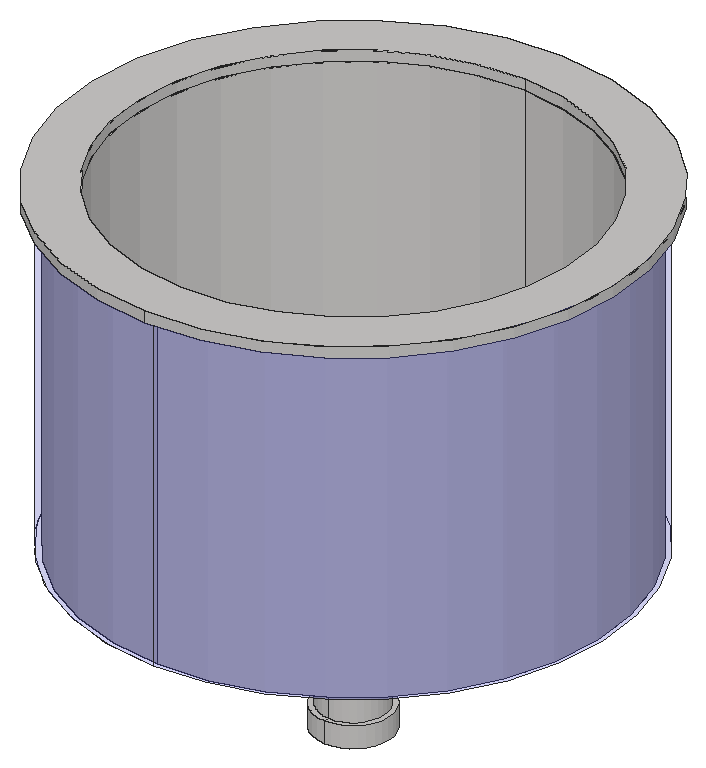
Revit family "QF_Vollrath_36464_cat", category Specialty Equipment, Revit 2016
Family settings
  Part Type = Normal
  Round Connector Dimension = Use Diameter
  OmniClass Number = 23.40.40.14.14
  OmniClass Title = Food Preparation Equipment
  Work Plane-Based = No
  Always vertical = Yes
  Cut with Voids When Loaded = No
  Shared = No
  Room Calculation Point = No
Parameters (values of type "Requires Type Catalog QF_Vollrath_36464_cat.txt")
  Weight in Pounds = 0
  Watts = 720 W
  Watermarked By = "http://revitwatermark.com"
  Waste Water Discharge Temperature [instance] = -459.67 °F
  Volts = 120 V
  URL Cutsheet = ""
  URL = "www.vollrathco.com"
  Status [instance] = ""
  Specification by User [instance] = ""
  Specification by Manufacturer [instance] = ""
  Serial Number [instance] = ""
  Seismic Rating [instance] = ""
  Revision Code [instance] = ""
  Plumbing Remarks [instance] = ""
  Plumbing Connection Type [instance] = ""
  Phase = 1
  Number of Poles = 1
  NAFEM Spec ID Number [instance] = ""
  Model = "-"
  Masterspec [instance] = ""
  Manufacturer = "Vollrath"
  Item Number [instance] = "-"
  Installed By [instance] = ""
  Indirect Waste Size = 3/4"
  Indirect Waste Flow [instance] = 0.00 GPM
  Indirect Waste Connection Type [instance] = ""
  Indirect Waste Connection Height [instance] = Height AFF - 0' 11 11/16"  # 2' - 0 5/16"
  Height AFF [instance] = 3' - 0"
  Furnished By [instance] = ""
  Foodservice Equipment Identifier [instance] = yes
  FL Amps = 6 A
  Electrical Remarks [instance] = ""
  Electric Connection Type [instance] = ""
  Elec Conn RI Height [instance] = 0' - 0"
  Elec Conn Connection Height [instance] = 2' - 7 1/2"
  Description = "Drop-In Soup Well - 11 Qt."
  Cycle = 60 Hz
  Conn Plug = "NEMA 5-15P"
  CSI MasterFormat = "11 42 00"
  Assembly Code = "E1090320"
  Apparent Power = if(Phase = 3, Volts * FL Amps * 1.73, Volts * FL Amps)  # 720 VA
Reference planes (in)
  plane 1 "Center LR": y = 0
  plane 2: z = 0
  plane 3 "Center FB": x = 0
  plane 4 "LEFT": x = -6.40625
  plane 5 "RIGHT": x = 6.40625
  plane 6 "Back": y = 6.40625
  plane 7 "Front": y = -6.40625
  plane 8 "Table Top": z = 36
  plane 9 "TOP": z = 36.25
  plane 10 "Bottom": z = 28.3125
  plane 11 "Drain": z = 24.3125
  plane 12: x = -6
  plane 13: x = 6
  plane 14: y = 6
  plane 15: y = -6
Forms (in)
  Extrusion 1, solid, material "QF_Finishes_Stainless Steel"
    sketch origin (0, 0, 36) x (0, 1, 0) y (-1, 0, 0)
      loop
        circle (0, 0) r 6.40625
      loop
        circle (0, 0) r 5.25
    from 0 to 0.25
  Extrusion 2, solid, material "QF_Finishes_Stainless Steel"
    sketch origin (0, 0, 36) x (0, 1, 0) y (-1, 0, 0)
      loop
        circle (0, 0) r 6
      loop
        circle (0, 0) r 5.25
    from 0 to -7.6875
  Extrusion 3, solid, material "QF_Finishes_Stainless Steel"
    sketch origin (0, 0, 28.3125) x (0, 1, 0) y (-1, 0, 0)
      loop
        circle (0, 0) r 5.25
      loop
        circle (0, 0) r 0.75
    from 0 to 0.125
  Revolve 4, solid, material "QF_Finishes_Stainless Steel"
    sketch origin (0, 0, 0) x (0, 1, 0) y (0, 0, 1)
      loop
        line (0.75, 28.3125) -> (0.75, 27.9375) -> (0.5, 27.9375) -> (0.5, 26.6875) -> (0.75, 26.6875) -> (0.75, 26.4375) -> (0.625, 26.4375) -> (0.625, 24.6875) -> (0.75, 24.6875) -> (0.75, 24.3125) -> (0.875, 24.3125) -> (0.875, 24.8125) -> (0.75, 24.8125) -> (0.75, 26.3125) -> (0.875, 26.3125) -> (0.875, 26.8125) -> (0.625, 26.8125) -> (0.625, 27.8125) -> (0.875, 27.8125) -> (0.875, 28.3125) -> (0.75, 28.3125)
      axis (0, 28.3125) -> (0, 24.3125)
    angle from 0 to 360
  Extrusion 5, solid, material "QF_Finishes_Clearance"
    sketch origin (0, 0, 36) x (0, 1, 0) y (-1, 0, 0)
      loop
        circle (0, 0) r 6.125
      loop
        circle (0, 0) r 6
    from 0 to -7.6875
  Extrusion 6, solid, material "QF_Finishes_Stainless Steel"
    sketch origin (0, 0, 28.3125) x (0, 1, 0) y (-1, 0, 0)
      loop
        circle (-3.20312, 0) r 0.25
    from 0 to -0.0625
Lines and regions (in)
  symbolic lines
    curve 1: circle (0, 0, 28.3125) r 0.75 normal (0, 0, 1)
    curve 2: circle (0, 0, 28.3125) r 5.25 normal (0, 0, 1)
    curve 3: circle (0, 0, 28.3125) r 6.40625 normal (0, 0, 1)
  model lines, style "QF_Cutout"
    curve 4: line (0, 6.125, 36.25) -> (0, 6.125, 42.25)
    curve 5: line (0, -6.125, 36.25) -> (0, -6.125, 42.25)
    curve 6: line (-6.125, 0, 36.25) -> (-6.125, 0, 42.25)
    curve 7: line (6.125, 0, 36.25) -> (6.125, 0, 42.25)
Dimensions and locks (in)
  "Height AFF": plane 8 "Table Top" to level
  locked: plane 9 "TOP" to plane 8 "Table Top" at 0.25
  locked: plane 8 "Table Top" to plane 10 "Bottom" at 7.6875
  plane 8 "Table Top" to plane 11 "Drain" = 0' - 11 11/16"
  equal spacing: plane 7 "Front", plane 1 "Center LR", plane 6 "Back"
  locked: plane 7 "Front" to plane 6 "Back" at 12.8125
  equal spacing: plane 4 "LEFT", plane 3 "Center FB", plane 5 "RIGHT"
  locked: plane 4 "LEFT" to plane 5 "RIGHT" at 12.8125
  locked: plane 14 to plane 6 "Back" at 0.40625
  locked: plane 15 to plane 7 "Front" at 0.40625
  locked: plane 4 "LEFT" to plane 12 at 0.40625
  locked: plane 13 to plane 5 "RIGHT" at 0.40625
  equal spacing: plane 7 "Front", Extrusion 6 sketch curve, plane 1 "Center LR"
  equal spacing: plane 4 "LEFT", Extrusion 6 sketch curve, plane 5 "RIGHT"
  aligned and locked: level to plane 2
  aligned and locked: plane 9 "TOP" to Extrusion 1
  aligned and locked: Extrusion 2 to plane 10 "Bottom"
  aligned and locked: Extrusion 5 to plane 10 "Bottom"
Automatic sketch dimensions
  Extrusion 2 sketch curve to Extrusion 2 sketch curve = 0' - 0"  (x2)
  plane 1 "Center LR" to Extrusion 2 sketch curve = 0' - 0"
  Extrusion 2 sketch curve to plane 3 "Center FB" = 0' - 0"
  Extrusion 3 sketch curve to Extrusion 3 sketch curve = 0' - 0"  (x2)
  plane 1 "Center LR" to Extrusion 3 sketch curve = 0' - 0"
  Extrusion 3 sketch curve to plane 3 "Center FB" = 0' - 0"
  Revolve 4 sketch curve to plane 1 "Center LR" = 0' - 0"
  Revolve 4 sketch curve to plane 11 "Drain" = 0' - 0"
  Revolve 4 sketch curve to plane 10 "Bottom" = 0' - 0"
  Revolve 4 sketch curve to plane 1 "Center LR" = 0' - 0 1/2"
  Revolve 4 sketch curve to plane 1 "Center LR" = 0' - 0 5/8"
  Revolve 4 sketch curve to Revolve 4 sketch curve = 0' - 0 1/8"  (x10)
  Revolve 4 sketch curve to Revolve 4 sketch curve = 0' - 0"
  Revolve 4 sketch curve to Revolve 4 sketch curve = 0' - 0 1/4"  (x2)
  Revolve 4 sketch curve to level = 2' - 0"
  plane 11 "Drain" to Revolve 4 sketch curve = 0' - 0 3/8"
  Revolve 4 sketch curve to Revolve 4 sketch curve = 0' - 1 1/2"
  Revolve 4 sketch curve to plane 10 "Bottom" = 0' - 0 1/2"
  plane 9 "TOP" to Revolve 4 sketch curve = 2' - 1.65238"
  Extrusion 1 sketch curve to Extrusion 1 sketch curve = 0' - 0"  (x2)
  plane 1 "Center LR" to Extrusion 1 sketch curve = 0' - 0"
  Extrusion 1 sketch curve to plane 3 "Center FB" = 0' - 0"
  curve 1 to curve 2 = 0' - 0"  (x2)
  curve 1 to curve 3 = 0' - 0"
  curve 2 to curve 3 = 0' - 0"
  plane 1 "Center LR" to curve 1 = 0' - 0"
  curve 1 to plane 3 "Center FB" = 0' - 0"
  plane 1 "Center LR" to Extrusion 5 sketch curve = 0' - 0"
  Extrusion 5 sketch curve to plane 3 "Center FB" = 0' - 0"
  Extrusion 5 sketch curve to Extrusion 5 sketch curve = 0' - 0"  (x2)
  curve 5 to plane 9 "TOP" = 0' - 0"
  curve 4 to plane 9 "TOP" = 0' - 0"
  curve 5 to plane 15 = 0' - 0 1/8"
  curve 4 to plane 14 = 0' - 0 1/8"
  curve 5 to curve 5 = 0' - 6"
  plane 9 "TOP" to curve 4 = 0' - 6"
  curve 6 to plane 9 "TOP" = 0' - 0"
  curve 7 to plane 9 "TOP" = 0' - 0"
  curve 6 to plane 12 = 0' - 0 1/8"
  curve 7 to plane 13 = 0' - 0 1/8"
  plane 9 "TOP" to curve 7 = 0' - 6"
  plane 9 "TOP" to curve 6 = 0' - 6"
  radius of Extrusion 2 sketch curve = 0' - 6"
  radius of Extrusion 2 sketch curve = 0' - 5 1/4"
  radius of Extrusion 3 sketch curve = 0' - 5 1/4"
  radius of Extrusion 3 sketch curve = 0' - 0 3/4"
  radius of Extrusion 1 sketch curve = 0' - 6 13/32"
  radius of Extrusion 1 sketch curve = 0' - 5 1/4"
  radius of curve 1 = 0' - 0 3/4"
  radius of curve 2 = 0' - 5 1/4"
  radius of curve 3 = 0' - 6 13/32"
  radius of Extrusion 5 sketch curve = 0' - 6 1/8"
  radius of Extrusion 5 sketch curve = 0' - 6"
  radius of Extrusion 6 sketch curve = 0' - 0 1/4"
Connectors (in)
  piping at (0, 0, 24.3125), diameter 1.5, driven by "Indirect Waste Flow"
    settings: on Revolve 4, index 2, connector inside diameter 1 1/2", connector length 0' - 0", flow factor 0, pipe flow 0.00 GPM, pressure drop 0.00 psi, fitting loss kfactor 0, connector angle 0.00°, fixture units 0, engagement length 0' - 0", angle of deflection 0.00°, flow configuration 1, flow direction 2, fitting loss method 0, system type 16, joint type 0, gender type 0, connector reference index -1, connector utility 0, adjustable connector no, is connector primary yes, connector description "Indirect Waste"
  electrical at (0, -3.20313, 28.25), driven by "Number of Poles", driven by "Volts", driven by "Apparent Power"
    settings: on Extrusion 6, index 3, voltage 120 V, apparent load 720 VA, apparent load phase1 0 VA, apparent load phase2 0 VA, apparent load phase3 0 VA, power factor 1, load classification "Other", number of poles 1, system type 30, power factor state 1, is connector primary yes, connector utility no, sub classification motor no, connector description "Electric"
